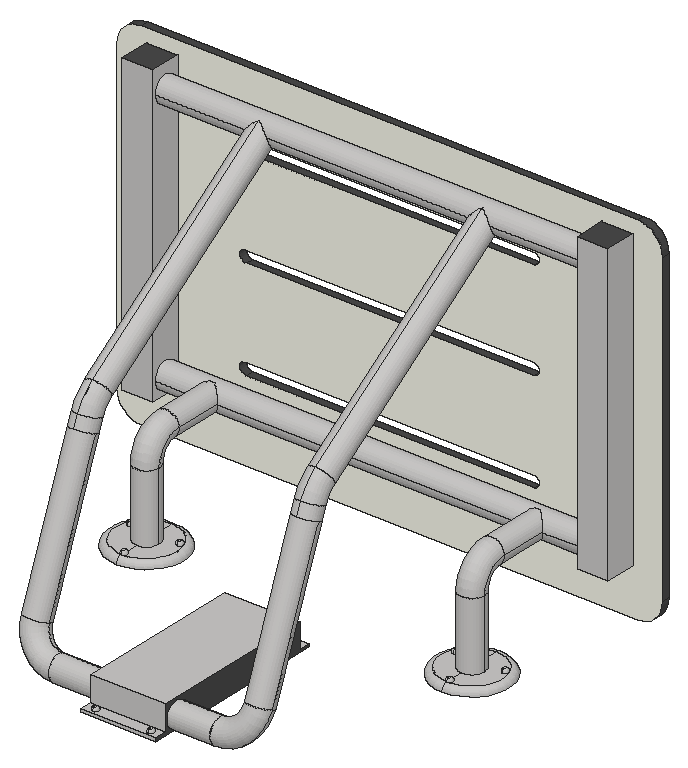
Revit family "Bath_Shower_Seat-Wall_Hung-Bobrick-B-5191", category Specialty Equipment, host Face, Revit 2016
Family settings
  Host = Face
  Part Type = Normal
  Round Connector Dimension = Use Diameter
  OmniClass Number = 23.40.20.00
  OmniClass Title = General Furniture and Specialties
  Cut with Voids When Loaded = No
  Shared = Yes
  Room Calculation Point = No
Parameters (values of type "B-5191")
  Width = 22"
  URL = "http://www.bobrick.com/Pages/default.aspx"
  Type Comments = ""
  Specification = "Folding shower seat shall have a frame constructed of type-304, satin-finish stainless steel that consists of 16-gauge (1.6mm), 1-1/4'' (30mm) square tubing and 18-gauge (1.2mm), 1'' (25mm) diameter seamless tubing. Seat shall be one‑piece, 5/16\" (8mm) thick, solidly fused plastic laminate with matte-finish melamine surfaces, ivory-colored face sheets, and black phenolicresin core; secured to frame with stainless steel carriage bolts and acorn nuts. Shower seat shall be equipped with two 3'' (75mm) diameter mounting flanges constructed of type-304, 3/16'' (5mm) thick, satin-finish stainless steel; a guide bracket constructed of type-304, 16-gauge (1.6mm), satin-finish stainless steel; and a spring constructed of type-301, 24-gauge (0.6mm) stainless steel that is spot-welded to a baseplate of type-304, heavy-gauge stainless steel. Seat shall be able to lock in upright position when not in use. Shower seat shall comply with accessible design guidelines (including ADAAG in the U.S.A.). Folding Shower Seat shall be Model B-5192 of Bobrick Washroom Equipment, Inc., Clifton Park, New York; Jackson, Tennessee; Los Angeles, California; Bobrick Washroom Equipment Company, Scarborough, Ontario; Bobrick Washroom Equipment Pty. Ltd., Australia; and Bobrick Washroom Equipment Limited, United Kingdom."
  Safety Warning = "SAFETY WARNING: Shower seats are no stronger than the anchors and walls to which they are attached and must be firmly secured in order to support the loads for which they are intended. Consult and comply with local building codes. To avoid potential injury, the building owner or maintenance personnel should remove the shower seat from service if the shower seat is not adequately secured to the wall. Unit shall support static loads of up to 500 lbs (227 kg) when properly installed and used. To avoid potential seat malfunction, DO NOT use seat if weight exceeds 500 lbs (227 kg)."
  Product Page URL = "https://www.bobrick.com/specialty-accessories-catalog/shower-tub-accessories/product/b-5191/"
  Product Documentation Link = "https://www.bobrick.com/wp-content/uploads/Section_102800_Washroom_Accessories_SF.doc"
  Price = "Prices may vary. Please consult Manufacturer Representative for most up-to-date price list."  # constant formula
  Phone Number = "416-250-5656"  # constant formula
  Omniclass Table 23 Title = "General Furniture and Specialties"  # constant formula
  Omniclass Table 23 Code = "23.40.20.00"  # constant formula
  Model = "B-5191"
  Material = Phenolic-Bobrick-Matte-Ivory
  Masterformat Title = "Healthcare Seating"  # constant formula
  Masterformat Number = "12 52 70"  # constant formula
  Manufacturer = "Bobrick"
  Length = 15 13/16"
  Installation Type = "Wall Mounted"
  Height = 13 3/4"
  Description = "Bobrick Solid Phenolic Folding Shower/Dressing Area Seat"
  Default Elevation = 17"
  Creation Date = "5/8/20"  # constant formula
  Created By = "Allied Technical Services"  # constant formula
  Assembly Code = "E1020810"
  ATS URL = "http://www.atsspec.net"
  ADA Compliant = yes
Reference planes (in)
  plane 1 "Center (Front/Back)": y = 0
  plane 2: z = 0
  plane 3 "Center (Left/Right)": x = 0
  plane 4: z = 15.8125
  plane 5: x = 11
  plane 6: x = -11
  plane 7: x = -6.5625
  plane 8: x = 6.5625
  plane 9: x = 6.5625
  plane 10: x = -6.5625
  plane 11: y = -4.375
  plane 12: y = -13.75
  plane 13: y = -6.5
  plane 14: x = 1.125
  plane 15: x = -1.125
  plane 16: z = 1.375
  plane 17: y = -17
  plane 18: x = 9.1875
  plane 19: y = -0.94013
  plane 20: z = 5.375
Forms (in)
  Extrusion 1, solid, material "Phenolic-Bobrick-Matte-Ivory" <- "Material"
    sketch origin (0, 0, 0) x (1, 0, 0) y (0, 0, 1)
      loop
        line (10, 15.8125) -> (-10, 15.8125)
        arc (-10, 15.8125) -> (-10.70711, 15.51961) -> (-11, 14.8125) r 1
        line (-11, 14.8125) -> (-11, 2.375)
        arc (-11, 2.375) -> (-10.70711, 1.66789) -> (-10, 1.375) r 1
        line (-10, 1.375) -> (10, 1.375)
        arc (10, 1.375) -> (10.70711, 1.66789) -> (11, 2.375) r 1
        line (11, 2.375) -> (11, 14.8125)
        arc (11, 14.8125) -> (10.70711, 15.51961) -> (10, 15.8125) r 1
      loop
        line (5.79542, 13.20791) -> (-5.79542, 13.20791)
        arc (-5.79542, 13.20791) -> (-6.04542, 12.95791) -> (-5.79542, 12.70791) r 0.25
        line (-5.79542, 12.70791) -> (5.79542, 12.70791)
        arc (5.79542, 12.70791) -> (6.04542, 12.95791) -> (5.79542, 13.20791) r 0.25
      loop
        line (5.79542, 9.20791) -> (-5.79542, 9.20791)
        arc (-5.79542, 9.20791) -> (-6.04542, 8.95791) -> (-5.79542, 8.70791) r 0.25
        line (-5.79542, 8.70791) -> (5.79542, 8.70791)
        arc (5.79542, 8.70791) -> (6.04542, 8.95791) -> (5.79542, 9.20791) r 0.25
      loop
        line (5.79542, 5.14541) -> (-5.79542, 5.14541)
        arc (-5.79542, 5.14541) -> (-6.04542, 4.89541) -> (-5.79542, 4.64541) r 0.25
        line (-5.79542, 4.64541) -> (5.79542, 4.64541)
        arc (5.79542, 4.64541) -> (6.04542, 4.89541) -> (5.79542, 5.14541) r 0.25
    from 0 to 0.3125
  Extrusion 2, solid, material "Stainless Steel-Bobrick-Type 304-Satin"
    sketch origin (0, 0.1875, 0.75) x (1, 0, 0) y (0, 1, 0)
      loop
        line (-8.5625, -0.5) -> (-9.8125, -0.5) -> (-9.8125, -1.75) -> (-8.5625, -1.75) -> (-8.5625, -0.5)
      loop
        line (8.5625, -0.5) -> (8.5625, -1.75) -> (9.8125, -1.75) -> (9.8125, -0.5) -> (8.5625, -0.5)
    from 2.51548 to 14.51548
  Revolve 3, solid, material "Stainless Steel-Bobrick-Type 304-Satin"
    sketch origin (-6.5625, 0, 0) x (0, 1, 0) y (0, 0, 1)
      loop
        line (-4.375, 0) -> (-2.875, 0)
        arc (-2.875, 0) -> (-2.94822, 0.17678) -> (-3.125, 0.25) r 0.25
        line (-3.125, 0.25) -> (-4.375, 0.25) -> (-4.375, 0)
      axis (-4.375, 0.25) -> (-4.375, 0)
    angle from 0 to 360
  Revolve 4, solid, material "Stainless Steel-Bobrick-Type 304-Satin"
    sketch origin (6.5625, 0, 0) x (0, 1, 0) y (0, 0, -1)
      loop
        line (-4.375, 0) -> (-4.375, -0.25) -> (-3.125, -0.25)
        arc (-3.125, -0.25) -> (-2.94822, -0.17678) -> (-2.875, 0) r 0.25
        line (-2.875, 0) -> (-4.375, 0)
      axis (-4.375, -0.25) -> (-4.375, 0)
    angle from 0 to 360
  Sweep 5, solid, material "Stainless Steel-Bobrick-Type 304-Satin"
    path origin (6.5625, 0, 0) x (0, 1, 0) y (0, 0, 1)
      loop
        line (-4.375, 0) -> (-4.375, 3)
        arc (-4.375, 3) -> (-4.08211, 3.70711) -> (-3.375, 4) r 1
        line (-3.375, 4) -> (-0.94013, 4)
    profile origin (6.5625, -4.375, 1.5) x (0, -1, 0) y (1, 0, 0)
      loop
        circle (0, 0) r 0.5
  Extrusion 6, solid, material "Stainless Steel-Bobrick-Type 304-Satin"
    sketch origin (0, 0.3125, 0) x (0, 1, 0) y (0, 0, 1)
      loop
        circle (-1.25263, 3.99038) r 0.5172
    from -8.9545 to 9.47959
  Sweep 7, solid, material "Stainless Steel-Bobrick-Type 304-Satin"
    path origin (-6.5625, 0, 0) x (0, 1, 0) y (0, 0, -1)
      loop
        line (-4.375, 0) -> (-4.375, -3)
        arc (-4.375, -3) -> (-4.08211, -3.70711) -> (-3.375, -4) r 1
        line (-3.375, -4) -> (-0.94013, -4)
    profile origin (-6.5625, -4.375, 1.5) x (0, 1, 0) y (-1, 0, 0)
      loop
        circle (0, 0) r 0.5
  Sweep 8, solid, material "Stainless Steel-Bobrick-Type 304-Satin"
    path origin (0, 0.25, 0.1875) x (0, 1, 0) y (0, 0, 1)
      loop
        line (-1.19013, 14.16704) -> (-9.64596, 8.46351)
        arc (-9.64596, 8.46351) -> (-9.97289, 8.16393) -> (-10.19794, 7.78186) r 1.5
        line (-10.19794, 7.78186) -> (-10.39032, 7.3057)
    profile origin (0, -10.04413, 7.73128) x (0, 0.927184, -0.374607) y (1, 0, 0)
      loop
        circle (0, -4.5) r 0.5
  Extrusion 9, solid, material "Stainless Steel-Bobrick-Type 304-Satin"
    sketch origin (0, 0.3125, 18.32783) x (0, 1, 0) y (0, 0, 1)
      loop
        circle (-1.25263, -3.99038) r 0.5172
    from -8.9545 to 9.47959
  Sweep 10, solid, material "Stainless Steel-Bobrick-Type 304-Satin"
    path origin (0, -6.39004, 16.77548) x (1, 0, 0) y (0, 0.374607, 0.927184)
      loop
        line (-4.5, -10.01126) -> (-4.5, -16.26126)
        arc (-4.5, -16.26126) -> (-4.13388, -17.14514) -> (-3.25, -17.51126) r 1.25
        line (-3.25, -17.51126) -> (3.25, -17.51126)
        arc (3.25, -17.51126) -> (4.13388, -17.14514) -> (4.5, -16.26126) r 1.25
        line (4.5, -16.26126) -> (4.5, -10.01126)
    profile origin (-4.5, -11.31097, 4.59575) x (1, 0, 0) y (0, -0.927184, 0.374607)
      loop
        circle (0, 0) r 0.5
  Extrusion 11, solid, material "Stainless Steel-Bobrick-Type 304-Satin"
    sketch origin (-1.5, 0.19528, 0) x (0, 1, 0) y (0, 0, 1)
      loop
        line (-6.44528, 0) -> (-6.44528, 0.125) -> (-6.94528, 0.125) -> (-6.94528, 1.125) -> (-13.69528, 1.125) -> (-13.69528, 0.125) -> (-14.19528, 0.125) -> (-14.19528, 0) -> (-6.44528, 0)
    from 0 to 3
  Sweep 12, solid, material "Stainless Steel-Bobrick-Type 304-Satin"
    path origin (0, 0.25, 0.1875) x (0, 1, 0) y (0, 0, -1)
      loop
        line (-1.19013, -14.16704) -> (-9.64596, -8.46351)
        arc (-9.64596, -8.46351) -> (-9.97289, -8.16393) -> (-10.19794, -7.78186) r 1.5
        line (-10.19794, -7.78186) -> (-10.39032, -7.3057)
    profile origin (0, -10.04413, 7.73128) x (0, -0.927184, 0.374607) y (-1, 0, 0)
      loop
        circle (0, -4.5) r 0.5
  Revolve 13, solid, material "Stainless Steel-Bobrick-Type 304-Satin"
    sketch origin (-1.125, 0, 0) x (0, 1, 0) y (0, 0, 1)
      loop
        line (-6.5, 0.125) -> (-6.375, 0.125)
        arc (-6.375, 0.125) -> (-6.38969, 0.18379) -> (-6.4303, 0.22876) r 0.125
        line (-6.4303, 0.22876) -> (-6.46682, 0.17439) -> (-6.5, 0.17439) -> (-6.5, 0.125)
      axis (-6.5, 0.22876) -> (-6.5, 0.125)
    angle from 0 to 360
  Revolve 14, solid, material "Stainless Steel-Bobrick-Type 304-Satin"
    sketch origin (1.125, 0, 0) x (0, 1, 0) y (0, 0, -1)
      loop
        line (-6.5, -0.125) -> (-6.5, -0.17439) -> (-6.46682, -0.17439) -> (-6.4303, -0.22876)
        arc (-6.4303, -0.22876) -> (-6.38969, -0.18379) -> (-6.375, -0.125) r 0.125
        line (-6.375, -0.125) -> (-6.5, -0.125)
      axis (-6.5, -0.22876) -> (-6.5, -0.125)
    angle from 0 to 360
  Revolve 15, solid, material "Stainless Steel-Bobrick-Type 304-Satin"
    sketch origin (-1.125, -20.25, 0) x (0, -1, 0) y (0, 0, -1)
      loop
        line (-6.5, -0.125) -> (-6.5, -0.17439) -> (-6.46682, -0.17439) -> (-6.4303, -0.22876)
        arc (-6.4303, -0.22876) -> (-6.38969, -0.18379) -> (-6.375, -0.125) r 0.125
        line (-6.375, -0.125) -> (-6.5, -0.125)
      axis (-6.5, -0.22876) -> (-6.5, -0.125)
    angle from 0 to 360
  Revolve 16, solid, material "Stainless Steel-Bobrick-Type 304-Satin"
    sketch origin (1.125, -20.25, 0) x (0, -1, 0) y (0, 0, 1)
      loop
        line (-6.5, 0.125) -> (-6.375, 0.125)
        arc (-6.375, 0.125) -> (-6.38969, 0.18379) -> (-6.4303, 0.22876) r 0.125
        line (-6.4303, 0.22876) -> (-6.46682, 0.17439) -> (-6.5, 0.17439) -> (-6.5, 0.125)
      axis (-6.5, 0.22876) -> (-6.5, 0.125)
    angle from 0 to 360
  Revolve 17, solid, material "Stainless Steel-Bobrick-Type 304-Satin"
    sketch origin (-6.5625, 1, 0.125) x (0, 1, 0) y (0, 0, 1)
      loop
        line (-6.5, 0.125) -> (-6.375, 0.125)
        arc (-6.375, 0.125) -> (-6.38969, 0.18379) -> (-6.4303, 0.22876) r 0.125
        line (-6.4303, 0.22876) -> (-6.46682, 0.17439) -> (-6.5, 0.17439) -> (-6.5, 0.125)
      axis (-6.5, 0.22876) -> (-6.5, 0.125)
    angle from 0 to 360
  Revolve 18, solid, material "Stainless Steel-Bobrick-Type 304-Satin"
    sketch origin (-7.56057, 2.55928, 0.125) x (0, 1, 0) y (0, 0, 1)
      loop
        line (-6.5, 0.125) -> (-6.375, 0.125)
        arc (-6.375, 0.125) -> (-6.38969, 0.18379) -> (-6.4303, 0.22876) r 0.125
        line (-6.4303, 0.22876) -> (-6.46682, 0.17439) -> (-6.5, 0.17439) -> (-6.5, 0.125)
      axis (-6.5, 0.22876) -> (-6.5, 0.125)
    angle from 0 to 360
  Revolve 19, solid, material "Stainless Steel-Bobrick-Type 304-Satin"
    sketch origin (-5.56443, 2.55928, 0.125) x (0, 1, 0) y (0, 0, -1)
      loop
        line (-6.5, -0.125) -> (-6.5, -0.17439) -> (-6.46682, -0.17439) -> (-6.4303, -0.22876)
        arc (-6.4303, -0.22876) -> (-6.38969, -0.18379) -> (-6.375, -0.125) r 0.125
        line (-6.375, -0.125) -> (-6.5, -0.125)
      axis (-6.5, -0.22876) -> (-6.5, -0.125)
    angle from 0 to 360
  Revolve 20, solid, material "Stainless Steel-Bobrick-Type 304-Satin"
    sketch origin (6.5625, 1, 0.125) x (0, 1, 0) y (0, 0, -1)
      loop
        line (-6.5, -0.125) -> (-6.5, -0.17439) -> (-6.46682, -0.17439) -> (-6.4303, -0.22876)
        arc (-6.4303, -0.22876) -> (-6.38969, -0.18379) -> (-6.375, -0.125) r 0.125
        line (-6.375, -0.125) -> (-6.5, -0.125)
      axis (-6.5, -0.22876) -> (-6.5, -0.125)
    angle from 0 to 360
  Revolve 21, solid, material "Stainless Steel-Bobrick-Type 304-Satin"
    sketch origin (7.56057, 2.55928, 0.125) x (0, 1, 0) y (0, 0, -1)
      loop
        line (-6.5, -0.125) -> (-6.5, -0.17439) -> (-6.46682, -0.17439) -> (-6.4303, -0.22876)
        arc (-6.4303, -0.22876) -> (-6.38969, -0.18379) -> (-6.375, -0.125) r 0.125
        line (-6.375, -0.125) -> (-6.5, -0.125)
      axis (-6.5, -0.22876) -> (-6.5, -0.125)
    angle from 0 to 360
  Revolve 22, solid, material "Stainless Steel-Bobrick-Type 304-Satin"
    sketch origin (5.56443, 2.55928, 0.125) x (0, 1, 0) y (0, 0, 1)
      loop
        line (-6.5, 0.125) -> (-6.375, 0.125)
        arc (-6.375, 0.125) -> (-6.38969, 0.18379) -> (-6.4303, 0.22876) r 0.125
        line (-6.4303, 0.22876) -> (-6.46682, 0.17439) -> (-6.5, 0.17439) -> (-6.5, 0.125)
      axis (-6.5, 0.22876) -> (-6.5, 0.125)
    angle from 0 to 360
  Revolve 23, solid, material "Phenolic-Bobrick-Matte-Ivory" <- "Material"
    sketch origin (0, 0, 5.375) x (1, 0, 0) y (0, 1, 0)
      loop
        line (9.1875, 0) -> (9.1875, 0.03481) -> (9.11975, 0.03481) -> (9.04701, 0.09164)
        arc (9.04701, 0.09164) -> (8.98695, 0.05216) -> (8.9375, 0) r 0.3125
        line (8.9375, 0) -> (9.1875, 0)
      axis (9.1875, 0.09164) -> (9.1875, 0)
    angle from 0 to 360
  Revolve 24, solid, material "Phenolic-Bobrick-Matte-Ivory" <- "Material"
    sketch origin (0, 0, 13.15595) x (0, -1, 0) y (1, 0, 0)
      loop
        line (0, 9.1875) -> (-0.03481, 9.1875) -> (-0.03481, 9.11975) -> (-0.09164, 9.04701)
        arc (-0.09164, 9.04701) -> (-0.05216, 8.98695) -> (0, 8.9375) r 0.3125
        line (0, 8.9375) -> (0, 9.1875)
      axis (-0.09164, 9.1875) -> (0, 9.1875)
    angle from 0 to 360
  Revolve 25, solid, material "Phenolic-Bobrick-Matte-Ivory" <- "Material"
    sketch origin (0, 0, 5.375) x (-1, 0, 0) y (0, -1, 0)
      loop
        line (9.1875, 0) -> (8.9375, 0)
        arc (8.9375, 0) -> (8.98695, -0.05216) -> (9.04701, -0.09164) r 0.3125
        line (9.04701, -0.09164) -> (9.11975, -0.03481) -> (9.1875, -0.03481) -> (9.1875, 0)
      axis (9.1875, -0.09164) -> (9.1875, 0)
    angle from 0 to 360
  Revolve 26, solid, material "Phenolic-Bobrick-Matte-Ivory" <- "Material"
    sketch origin (0, 0, 13.15595) x (0, 1, 0) y (-1, 0, 0)
      loop
        line (0, 9.1875) -> (0, 8.9375)
        arc (0, 8.9375) -> (0.05216, 8.98695) -> (0.09164, 9.04701) r 0.3125
        line (0.09164, 9.04701) -> (0.03481, 9.11975) -> (0.03481, 9.1875) -> (0, 9.1875)
      axis (0.09164, 9.1875) -> (0, 9.1875)
    angle from 0 to 360
Cuts and joins
  joined: Extrusion 2, Revolve 3, Revolve 4, Sweep 5, Extrusion 6, Sweep 7, Sweep 8, Extrusion 9, Sweep 10, Extrusion 11, Sweep 12, Revolve 13, Revolve 14, Revolve 15, Revolve 16, Revolve 17, Revolve 18, Revolve 19, Revolve 20, Revolve 21, Revolve 22
  joined: Extrusion 1, Revolve 23, Revolve 24, Revolve 25, Revolve 26
Lines and regions (in)
  Masking region 1
    outline origin (0, 0, 0) x (1, 0, 0) y (0, 1, 0)
      loop
        line (-11, 0) -> (-11, -0.3125) -> (-9.8125, -0.3125) -> (-9.8125, -1.5625) -> (-8.5625, -1.5625) -> (-8.5625, -1.45733) -> (-7.0625, -1.45733) -> (-7.0625, -2.96079)
        arc (-7.0625, -2.96079) -> (-6.5625, -5.875) -> (-6.0625, -2.96079) r 1.5
        line (-6.0625, -2.96079) -> (-6.0625, -1.45733) -> (-4.99993, -1.45733) -> (-4.99993, -12.44987)
        arc (-4.99993, -12.44987) -> (-4.70704, -13.15698) -> (-3.99993, -13.44987) r 1
        line (-3.99993, -13.44987) -> (-1.5, -13.44987) -> (-1.5, -14) -> (1.5, -14) -> (1.5, -13.44987) -> (3.99993, -13.44987)
        arc (3.99993, -13.44987) -> (4.70704, -13.15698) -> (4.99993, -12.44987) r 1
        line (4.99993, -12.44987) -> (4.99993, -1.45724) -> (6.0625, -1.45724) -> (6.0625, -2.96079)
        arc (6.0625, -2.96079) -> (6.5625, -5.875) -> (7.0625, -2.96079) r 1.5
        line (7.0625, -2.96079) -> (7.0625, -1.45733) -> (8.5625, -1.45733) -> (8.5625, -1.5625) -> (9.8125, -1.5625) -> (9.8125, -0.3125) -> (11, -0.3125) -> (11, 0) -> (9.41963, 0)
        arc (9.41963, 0) -> (9.39279, 0.0648) -> (9.32799, 0.09164) r 0.09164
        line (9.32799, 0.09164) -> (9.04701, 0.09164)
        arc (9.04701, 0.09164) -> (8.98221, 0.0648) -> (8.95537, 0) r 0.09164
        line (8.95537, 0) -> (-8.95537, 0)
        arc (-8.95537, 0) -> (-8.98221, 0.0648) -> (-9.04701, 0.09164) r 0.09164
        line (-9.04701, 0.09164) -> (-9.32799, 0.09164)
        arc (-9.32799, 0.09164) -> (-9.39279, 0.0648) -> (-9.41963, 0) r 0.09164
        line (-9.41963, 0) -> (-11, 0)
      loop
        line (-3.99993, -1.45733) -> (-3.99993, -11.94987)
        arc (-3.99993, -11.94987) -> (-3.85349, -12.30343) -> (-3.49993, -12.44987) r 0.5
        line (-3.49993, -12.44987) -> (-1.5, -12.44987) -> (-1.5, -6.25) -> (1.5, -6.25) -> (1.5, -12.44987) -> (3.49993, -12.44987)
        arc (3.49993, -12.44987) -> (3.85349, -12.30343) -> (3.99993, -11.94987) r 0.5
        line (3.99993, -11.94987) -> (3.99993, -1.45733) -> (-3.99993, -1.45733)
  Masking region 2
    outline origin (0, 0, 0) x (1, 0, 0) y (0, 0, 1)
      loop
        line (10, 15.8125) -> (-10, 15.8125)
        arc (-10, 15.8125) -> (-10.70711, 15.51961) -> (-11, 14.8125) r 1
        line (-11, 14.8125) -> (-11, 2.375)
        arc (-11, 2.375) -> (-10.70711, 1.66789) -> (-10, 1.375) r 1
        line (-10, 1.375) -> (-7.0625, 1.375) -> (-7.0625, 0.25) -> (-7.43557, 0.25)
        arc (-7.43557, 0.25) -> (-7.45116, 0.30831) -> (-7.49087, 0.35376) r 0.13326
        line (-7.49087, 0.35376) -> (-7.63028, 0.35376)
        arc (-7.63028, 0.35376) -> (-7.66966, 0.30813) -> (-7.68557, 0.25) r 0.13662
        line (-7.68557, 0.25) -> (-7.81239, 0.25)
        arc (-7.81239, 0.25) -> (-7.98917, 0.17678) -> (-8.06239, 0) r 0.25
        line (-8.06239, 0) -> (-5.06261, 0)
        arc (-5.06261, 0) -> (-5.13583, 0.17678) -> (-5.31261, 0.25) r 0.25
        line (-5.31261, 0.25) -> (-5.43943, 0.25)
        arc (-5.43943, 0.25) -> (-5.45534, 0.30813) -> (-5.49472, 0.35376) r 0.13662
        line (-5.49472, 0.35376) -> (-5.63413, 0.35376)
        arc (-5.63413, 0.35376) -> (-5.67384, 0.30831) -> (-5.68943, 0.25) r 0.13326
        line (-5.68943, 0.25) -> (-6.0625, 0.25) -> (-6.0625, 1.375) -> (-4.96357, 1.375)
        arc (-4.96357, 1.375) -> (-4.35238, 0.41367) -> (-3.27647, 0.03933) r 1.73334
        line (-3.27647, 0.03933) -> (-1.5, 0.03933) -> (-1.5, 0) -> (1.5, 0) -> (1.5, 0.03933) -> (3.27647, 0.03933)
        arc (3.27647, 0.03933) -> (4.35238, 0.41367) -> (4.96357, 1.375) r 1.73334
        line (4.96357, 1.375) -> (6.0625, 1.375) -> (6.0625, 0.25) -> (5.68943, 0.25)
        arc (5.68943, 0.25) -> (5.67384, 0.30831) -> (5.63413, 0.35376) r 0.13326
        line (5.63413, 0.35376) -> (5.49472, 0.35376)
        arc (5.49472, 0.35376) -> (5.45534, 0.30813) -> (5.43943, 0.25) r 0.13662
        line (5.43943, 0.25) -> (5.31261, 0.25)
        arc (5.31261, 0.25) -> (5.13583, 0.17678) -> (5.06261, 0) r 0.25
        line (5.06261, 0) -> (8.06239, 0)
        arc (8.06239, 0) -> (7.98917, 0.17678) -> (7.81239, 0.25) r 0.25
        line (7.81239, 0.25) -> (7.68557, 0.25)
        arc (7.68557, 0.25) -> (7.66966, 0.30813) -> (7.63028, 0.35376) r 0.13662
        line (7.63028, 0.35376) -> (7.49087, 0.35376)
        arc (7.49087, 0.35376) -> (7.45116, 0.30831) -> (7.43557, 0.25) r 0.13326
        line (7.43557, 0.25) -> (7.0625, 0.25) -> (7.0625, 1.375) -> (10, 1.375)
        arc (10, 1.375) -> (10.70711, 1.66789) -> (11, 2.375) r 1
        line (11, 2.375) -> (11, 14.8125)
        arc (11, 14.8125) -> (10.70711, 15.51961) -> (10, 15.8125) r 1
  Masking region 3
    outline origin (0, 0, 0) x (0, 1, 0) y (0, 0, 1)
      loop
        line (-0.3125, 3.26548) -> (-0.3125, 1.375) -> (0, 1.375) -> (0, 5.125)
        arc (0, 5.125) -> (0.05118, 5.17527) -> (0.09164, 5.23451) r 0.36806
        line (0.09164, 5.23451) -> (0.09164, 5.51549)
        arc (0.09164, 5.51549) -> (0.05118, 5.57473) -> (0, 5.625) r 0.36806
        line (0, 5.625) -> (0, 12.90595)
        arc (0, 12.90595) -> (0.05118, 12.95622) -> (0.09164, 13.01546) r 0.36806
        line (0.09164, 13.01546) -> (0.09164, 13.29645)
        arc (0.09164, 13.29645) -> (0.05118, 13.35568) -> (0, 13.40595) r 0.36806
        line (0, 13.40595) -> (0, 15.8125) -> (-0.3125, 15.8125) -> (-0.3125, 15.26548) -> (-1.5625, 15.26548) -> (-1.5625, 14.53809) -> (-9.67847, 9.0638)
        arc (-9.67847, 9.0638) -> (-10.11176, 8.66676) -> (-10.41003, 8.16039) r 1.988
        line (-10.41003, 8.16039) -> (-13.25251, 1.125) -> (-13.5, 1.125) -> (-13.5, 0.125) -> (-13.625, 0.125)
        arc (-13.625, 0.125) -> (-13.63965, 0.18381) -> (-13.6803, 0.22876) r 0.12466
        line (-13.6803, 0.22876) -> (-13.8197, 0.22876)
        arc (-13.8197, 0.22876) -> (-13.86058, 0.18393) -> (-13.875, 0.125) r 0.12279
        line (-13.875, 0.125) -> (-14, 0.125) -> (-14, 0) -> (-6.25, 0) -> (-6.25, 0.125) -> (-6.375, 0.125)
        arc (-6.375, 0.125) -> (-6.38942, 0.18393) -> (-6.4303, 0.22876) r 0.12279
        line (-6.4303, 0.22876) -> (-6.5697, 0.22876)
        arc (-6.5697, 0.22876) -> (-6.61035, 0.18381) -> (-6.625, 0.125) r 0.12466
        line (-6.625, 0.125) -> (-6.75, 0.125) -> (-6.75, 1.125) -> (-12.17398, 1.125) -> (-9.48483, 7.78088)
        arc (-9.48483, 7.78088) -> (-9.33371, 8.03743) -> (-9.11419, 8.23858) r 1.00719
        line (-9.11419, 8.23858) -> (-1.5625, 13.33226) -> (-1.5625, 4.5) -> (-3.375, 4.5)
        arc (-3.375, 4.5) -> (-4.43566, 4.06066) -> (-4.875, 3) r 1.5
        line (-4.875, 3) -> (-4.875, 0.25) -> (-5.375, 0.25)
        arc (-5.375, 0.25) -> (-5.3894, 0.30894) -> (-5.4303, 0.35376) r 0.12259
        line (-5.4303, 0.35376) -> (-5.5697, 0.35376)
        arc (-5.5697, 0.35376) -> (-5.6113, 0.30902) -> (-5.62708, 0.25) r 0.12653
        arc (-5.62708, 0.25) -> (-5.80312, 0.17665) -> (-5.875, 0) r 0.24793
        line (-5.875, 0) -> (-2.875, 0)
        arc (-2.875, 0) -> (-2.94688, 0.17665) -> (-3.12292, 0.25) r 0.24793
        line (-3.12292, 0.25) -> (-3.81572, 0.25)
        arc (-3.81572, 0.25) -> (-3.83037, 0.31044) -> (-3.875, 0.35376) r 0.11205
        line (-3.875, 0.35376) -> (-3.875, 3)
        arc (-3.875, 3) -> (-3.72855, 3.35355) -> (-3.375, 3.5) r 0.5
        line (-3.375, 3.5) -> (-1.5625, 3.5) -> (-1.5625, 3.26548) -> (-0.3125, 3.26548)
  symbolic lines, detail levels medium+fine
    curve 1: line (-9.8125, -0.3125, 0) -> (9.8125, -0.3125, 0)
    curve 2: line (8.5625, -0.3125, 0) -> (8.5625, -1.45733, 0)
    curve 3: line (-8.5625, -0.3125, 0) -> (-8.5625, -1.45733, 0)
    curve 4: line (-7.0625, -1.45724, 0) -> (-6.0625, -1.45724, 0)
    curve 5: arc (-6.0625, -4.375, 0) -> (-6.5625, -4.875, 0) -> (-7.0625, -4.375, 0) r 0.5
    curve 16: line (-1.5, -13.5, 0) -> (1.5, -13.5, 0)
    curve 17: line (1.5, -6.75, 0) -> (-1.5, -6.75, 0)
    curve 18: line (-8.5625, -0.41932, 0) -> (8.5625, -0.41932, 0)
    curve 19: line (-9.4375, 0, 0) -> (-8.9375, 0, 0)
    curve 20: line (8.9375, 0, 0) -> (9.4375, 0, 0)
    curve 21: line (-1.5, -12.44987, 0) -> (-1.5, -13.44987, 0)
    curve 22: line (1.5, -12.44987, 0) -> (1.5, -13.44987, 0)
    curve 23: line (-4.91755, -1.45733, 0) -> (-4.5, -1.27398, 0)
    curve 24: line (-4.5, -1.27398, 0) -> (-4.08245, -1.45733, 0)
    curve 25: line (-7.0625, -4.375, 0) -> (-7.0625, -2.96079, 0)
    curve 26: line (-6.0625, -4.375, 0) -> (-6.0625, -2.96079, 0)
    curve 27: arc (6.0625, -4.375, 0) -> (6.5625, -4.875, 0) -> (7.0625, -4.375, 0) r 0.5
    curve 34: line (7.0625, -4.375, 0) -> (7.0625, -2.96079, 0)
    curve 35: line (6.0625, -4.375, 0) -> (6.0625, -2.96079, 0)
    curve 36: line (-4.99993, -1.45733, 0) -> (-4.91755, -1.45733, 0)
    curve 37: line (-4.08245, -1.45733, 0) -> (-3.99993, -1.45733, 0)
    curve 38: line (7.0625, -1.45724, 0) -> (6.0625, -1.45724, 0)
    curve 39: line (4.91755, -1.45733, 0) -> (4.5, -1.27398, 0)
    curve 40: line (4.5, -1.27398, 0) -> (4.08245, -1.45733, 0)
    curve 41: line (4.99993, -1.45733, 0) -> (4.91755, -1.45733, 0)
    curve 42: line (4.08245, -1.45733, 0) -> (3.99993, -1.45733, 0)
    curve 47: line (7.68557, 0, 0.25) -> (7.43557, 0, 0.25)
    curve 48: line (7.0625, 0, 0.25) -> (6.0625, 0, 0.25)
    curve 49: line (-4.96357, 0, 1.375) -> (4.96357, 0, 1.375)
    curve 50: line (1.5, 0, 1.125) -> (1.5, 0, 0.03933)
    curve 51: line (1.5, 0, 0.125) -> (-1.5, 0, 0.125)
    curve 55: line (1.5, 0, 1.125) -> (-1.5, 0, 1.125)
    curve 56: line (1.5, 0, 1.04066) -> (3.28168, 0, 1.04066)
    curve 57: arc (3.28168, 0, 1.04066) -> (3.63414, 0, 1.12956) -> (3.90226, 0, 1.375) r 0.7431
    curve 58: line (-1.5, 0, 1.04066) -> (-3.28168, 0, 1.04066)
    curve 59: arc (-3.28168, 0, 1.04066) -> (-3.63414, 0, 1.12956) -> (-3.90226, 0, 1.375) r 0.7431
    curve 60: line (-1.5, 0, 1.125) -> (-1.5, 0, 0.03933)
    curve 64: arc (5.79542, 0, 5.14541) -> (6.04542, 0, 4.89541) -> (5.79542, 0, 4.64541) r 0.25
    curve 65: line (-5.79542, 0, 5.14541) -> (5.79542, 0, 5.14541)
    curve 66: line (5.79542, 0, 4.64541) -> (-5.79542, 0, 4.64541)
    curve 67: arc (-5.79542, 0, 4.64541) -> (-6.04542, 0, 4.89541) -> (-5.79542, 0, 5.14541) r 0.25
    curve 68: arc (5.79542, 0, 9.20791) -> (6.04542, 0, 8.95791) -> (5.79542, 0, 8.70791) r 0.25
    curve 69: line (-5.79542, 0, 9.20791) -> (5.79542, 0, 9.20791)
    curve 70: line (5.79542, 0, 8.70791) -> (-5.79542, 0, 8.70791)
    curve 71: arc (-5.79542, 0, 8.70791) -> (-6.04542, 0, 8.95791) -> (-5.79542, 0, 9.20791) r 0.25
    curve 72: arc (-5.79542, 0, 12.70791) -> (-6.04542, 0, 12.95791) -> (-5.79542, 0, 13.20791) r 0.25
    curve 73: line (-5.79542, 0, 13.20791) -> (5.79542, 0, 13.20791)
    curve 74: line (5.79542, 0, 12.70791) -> (-5.79542, 0, 12.70791)
    curve 75: arc (5.79542, 0, 13.20791) -> (6.04542, 0, 12.95791) -> (5.79542, 0, 12.70791) r 0.25
    curve 92: line (5.43943, 0, 0.25) -> (5.68943, 0, 0.25)
    curve 93: line (-7.68557, 0, 0.25) -> (-7.43557, 0, 0.25)
    curve 94: line (-7.0625, 0, 0.25) -> (-6.0625, 0, 0.25)
    curve 95: line (-5.43943, 0, 0.25) -> (-5.68943, 0, 0.25)
    curve 100: line (7.0625, 0, 1.375) -> (6.0625, 0, 1.375)
    curve 101: line (-6.0625, 0, 1.375) -> (-7.0625, 0, 1.375)
    curve 102: line (0, -0.3125, 15.26548) -> (0, -0.3125, 3.26548)
    curve 103: line (0, 0, 5.625) -> (0, 0, 5.14541)
    curve 104: line (0, 0, 13.40595) -> (0, 0, 12.90595)
    curve 105: line (0, -1.5625, 3.5) -> (0, -1.5625, 4.5)
    curve 106: line (0, -1.5625, 13.33226) -> (0, -1.5625, 14.53809)
    curve 107: line (0, -4.875, 0.25) -> (0, -3.81572, 0.25)
    curve 108: line (0, -4.01042, 0.35376) -> (0, -3.87101, 0.35376)
    curve 109: arc (0, -4.01042, 0.35376) -> (0, -4.05097, 0.30876) -> (0, -4.06572, 0.25) r 0.1255
    curve 110: line (0, -5.375, 0.25) -> (0, -5.625, 0.25)
    curve 111: line (0, -6.375, 0.125) -> (0, -6.625, 0.125)
    curve 112: line (0, -13.625, 0.125) -> (0, -13.875, 0.125)
    curve 113: arc (0, -12.48628, 0.35202) -> (0, -13.13718, 0.07573) -> (0, -13.41347, 0.72663) r 0.5
    curve 114: line (0, -12.48628, 0.35202) -> (0, -12.17398, 1.125)
    curve 115: line (0, -13.41347, 0.72663) -> (0, -13.25251, 1.125)
  symbolic lines, detail levels fine
    curve 6: circle (-7.56057, -3.94072, 0) r 0.125 normal (0, 0, -1)
    curve 7: circle (-5.56443, -3.94072, 0) r 0.125 normal (0, 0, -1)
    curve 8: circle (-6.5625, -5.5, 0) r 0.0697 normal (0, 0, -1)
    curve 9: circle (-6.5625, -5.5, 0) r 0.125 normal (0, 0, -1)
    curve 10: circle (-7.56057, -3.94072, 0) r 0.0697 normal (0, 0, -1)
    curve 11: circle (-5.56443, -3.94072, 0) r 0.0697 normal (0, 0, -1)
    curve 12: circle (-1.125, -6.5, 0) r 0.125 normal (0, 0, -1)
    curve 13: circle (-1.125, -6.5, 0) r 0.0697 normal (0, 0, -1)
    curve 14: circle (-1.125, -13.75, 0) r 0.125 normal (0, 0, -1)
    curve 15: circle (-1.125, -13.75, 0) r 0.0697 normal (0, 0, -1)
    curve 28: circle (7.56057, -3.94072, 0) r 0.125 normal (0, 0, 1)
    curve 29: circle (5.56443, -3.94072, 0) r 0.125 normal (0, 0, 1)
    curve 30: circle (6.5625, -5.5, 0) r 0.0697 normal (0, 0, 1)
    curve 31: circle (6.5625, -5.5, 0) r 0.125 normal (0, 0, 1)
    curve 32: circle (7.56057, -3.94072, 0) r 0.0697 normal (0, 0, 1)
    curve 33: circle (5.56443, -3.94072, 0) r 0.0697 normal (0, 0, 1)
    curve 43: circle (1.125, -6.5, 0) r 0.125 normal (0, 0, 1)
    curve 44: circle (1.125, -6.5, 0) r 0.0697 normal (0, 0, 1)
    curve 45: circle (1.125, -13.75, 0) r 0.125 normal (0, 0, 1)
    curve 46: circle (1.125, -13.75, 0) r 0.0697 normal (0, 0, 1)
    curve 52: line (1.0553, 0, 0.22876) -> (1.1947, 0, 0.22876)
    curve 53: arc (1.1947, 0, 0.22876) -> (1.23622, 0, 0.18356) -> (1.25461, 0, 0.125) r 0.14106
    curve 54: arc (1.0553, 0, 0.22876) -> (1.01378, 0, 0.18356) -> (0.99539, 0, 0.125) r 0.14106
    curve 61: line (-1.0553, 0, 0.22876) -> (-1.1947, 0, 0.22876)
    curve 62: arc (-1.1947, 0, 0.22876) -> (-1.23622, 0, 0.18356) -> (-1.25461, 0, 0.125) r 0.14106
    curve 63: arc (-1.0553, 0, 0.22876) -> (-1.01378, 0, 0.18356) -> (-0.99539, 0, 0.125) r 0.14106
    curve 76: line (5.00167, 0, 13.20791) -> (5.00167, 0, 12.70791)
    curve 77: line (4.00167, 0, 12.70791) -> (4.00167, 0, 13.20791)
    curve 78: line (5.00167, 0, 9.20791) -> (5.00167, 0, 8.70791)
    curve 79: line (4.00167, 0, 8.70791) -> (4.00167, 0, 9.20791)
    curve 80: line (5.00167, 0, 5.14541) -> (5.00167, 0, 4.64541)
    curve 81: line (4.00167, 0, 4.64541) -> (4.00167, 0, 5.14541)
    curve 82: line (-5.00167, 0, 13.20791) -> (-5.00167, 0, 12.70791)
    curve 83: line (-4.00167, 0, 12.70791) -> (-4.00167, 0, 13.20791)
    curve 84: line (-5.00167, 0, 9.20791) -> (-5.00167, 0, 8.70791)
    curve 85: line (-4.00167, 0, 8.70791) -> (-4.00167, 0, 9.20791)
    curve 86: line (-5.00167, 0, 5.14541) -> (-5.00167, 0, 4.64541)
    curve 87: line (-4.00167, 0, 4.64541) -> (-4.00167, 0, 5.14541)
    curve 88: circle (9.1875, 0, 13.15595) r 0.25 normal (0, -1, 0)
    curve 89: circle (9.1875, 0, 13.15595) r 0.14049 normal (0, 1, 0)
    curve 90: circle (9.1875, 0, 5.375) r 0.25 normal (0, -1, 0)
    curve 91: circle (9.1875, 0, 5.375) r 0.14049 normal (0, 1, 0)
    curve 96: circle (-9.1875, 0, 13.15595) r 0.25 normal (0, 1, 0)
    curve 97: circle (-9.1875, 0, 13.15595) r 0.14049 normal (0, -1, 0)
    curve 98: circle (-9.1875, 0, 5.375) r 0.25 normal (0, 1, 0)
    curve 99: circle (-9.1875, 0, 5.375) r 0.14049 normal (0, -1, 0)
Dimensions and locks (in)
  plane 1 "Center (Front/Back)" to plane 11 = 4 3/8"
  plane 11 to plane 12 = 9 3/8"
  plane 13 to plane 12 = 7 1/4"
  "Default Elevation": plane 17 to plane 1 "Center (Front/Back)"
  "Width": plane 5 to plane 6
  "Length": host face to plane 4
  "Height": plane 1 "Center (Front/Back)" to plane 12
  "Default Elevation": plane 1 "Center (Front/Back)" to plane 17
  aligned and locked: plane 2 to host face
  aligned and locked: level to host face
Automatic sketch dimensions
  host sketch curve to host sketch curve = 96"  (x2)
  Extrusion 1 sketch curve to plane 6 = 0"
  Extrusion 1 sketch curve to plane 4 = 0"
  Extrusion 1 sketch curve to plane 16 = 0"
  Extrusion 1 sketch curve to plane 5 = 0"
  plane 6 to Extrusion 1 sketch curve = 1"  (x2)
  Extrusion 1 sketch curve to plane 7 = 0.76708"  (x3)
  Extrusion 1 sketch curve to plane 8 = 0.76708"  (x3)
  Extrusion 1 sketch curve to plane 20 = 0.22959"
  Extrusion 1 sketch curve to plane 18 = 13/16"  (x2)
  Extrusion 1 sketch curve to Extrusion 1 sketch curve = 1/2"
  plane 20 to Extrusion 1 sketch curve = 3.33291"
  Extrusion 1 sketch curve to Extrusion 1 sketch curve = 1/4"  (x2)
  Extrusion 1 sketch curve to plane 4 = 3.10459"
  plane 1 "Center (Front/Back)" to Extrusion 2 sketch curve = 5/16"  (x2)
  plane 6 to Extrusion 2 sketch curve = 1 3/16"
  Extrusion 2 sketch curve to plane 19 = 0.62237"  (x2)
  Extrusion 2 sketch curve to Extrusion 2 sketch curve = 1 1/4"
  plane 18 to Extrusion 2 sketch curve = 5/8"
  Extrusion 2 sketch curve to plane 18 = 5/8"
  Revolve 3 sketch curve to level = 0"
  Revolve 3 sketch curve to plane 11 = 0"  (x2)
  level to Revolve 3 sketch curve = 1/4"
  Revolve 3 sketch curve to Revolve 3 sketch curve = 1 1/4"
  Revolve 3 sketch curve to plane 16 = 0.26384"
  plane 16 to Revolve 3 sketch curve = 0.17993"
  Revolve 4 sketch curve to level = 0"
  Revolve 4 sketch curve to plane 11 = 0"  (x2)
  level to Revolve 4 sketch curve = 1/4"
  Revolve 4 sketch curve to Revolve 4 sketch curve = 1 1/4"
  Revolve 4 sketch curve to plane 16 = 0.26384"
  plane 16 to Revolve 4 sketch curve = 0.17993"
  Sweep 5 sketch curve to plane 11 = 0"
  Sweep 5 sketch curve to plane 19 = 0"
  Sweep 5 sketch curve to level = 0"
  Sweep 5 sketch curve to plane 11 = 1"
  plane 16 to Sweep 5 sketch curve = 1 5/8"
  Sweep 5 sketch curve to profile plane = 0"  (x2)
  Extrusion 6 sketch curve to plane 19 = 0"
  Extrusion 6 sketch curve to plane 20 = 1.38462"
  Sweep 7 sketch curve to plane 11 = 0"
  Sweep 7 sketch curve to plane 19 = 0"
  Sweep 7 sketch curve to level = 0"
  Sweep 7 sketch curve to plane 11 = 1"
  plane 16 to Sweep 7 sketch curve = 1 5/8"
  profile plane to Sweep 7 sketch curve = 0"
  Sweep 7 sketch curve to profile plane = 0"
  Sweep 8 sketch curve to plane 19 = 0"
  Sweep 8 sketch curve to plane 13 = 2.05717"
  Sweep 8 sketch curve to Sweep 8 sketch curve = 0.83879"
  Sweep 8 sketch curve to Sweep 8 sketch curve = 0.55199"
  Sweep 8 sketch curve to Sweep 8 sketch curve = 0.19238"
  plane 20 to Sweep 8 sketch curve = 2.03245"
  Sweep 8 sketch curve to Sweep 8 sketch curve = 0.08575"
  Sweep 8 sketch curve to Sweep 8 sketch curve = 0.47616"
  Sweep 8 sketch curve to plane 4 = 1.45796"
  Sweep 8 sketch curve to profile plane = 0"
  Sweep 8 sketch curve to plane 3 "Center (Left/Right)" = 4 1/2"
  Extrusion 9 sketch curve to plane 19 = 0"
  plane 4 to Extrusion 9 sketch curve = 1.47506"
  plane 10 to Sweep 10 sketch curve = 2 1/16"
  Sweep 10 sketch curve to Sweep 10 sketch curve = 1 1/4"
  plane 14 to Sweep 10 sketch curve = 2 1/8"
  Sweep 10 sketch curve to plane 9 = 2 1/16"
  Sweep 10 sketch curve to Sweep 10 sketch curve = 6 1/4"  (x2)
  Sweep 10 sketch curve to profile plane = 0"  (x2)
  Extrusion 11 sketch curve to level = 0"
  plane 12 to Extrusion 11 sketch curve = 1/4"
  Extrusion 11 sketch curve to plane 12 = 1/4"
  level to Extrusion 11 sketch curve = 1/8"  (x2)
  Extrusion 11 sketch curve to plane 13 = 1/4"
  plane 13 to Extrusion 11 sketch curve = 1/4"
  Extrusion 11 sketch curve to plane 16 = 1/4"
  Sweep 12 sketch curve to plane 19 = 0"
  Sweep 12 sketch curve to plane 13 = 2.05717"
  Sweep 12 sketch curve to Sweep 12 sketch curve = 0.83879"
  Sweep 12 sketch curve to Sweep 12 sketch curve = 0.55199"
  Sweep 12 sketch curve to Sweep 12 sketch curve = 0.19238"
  Sweep 12 sketch curve to plane 4 = 1.45796"
  plane 20 to Sweep 12 sketch curve = 3.27601"
  Sweep 12 sketch curve to Sweep 12 sketch curve = 0.68165"
  Sweep 12 sketch curve to Sweep 12 sketch curve = 0.47616"
  profile plane to Sweep 12 sketch curve = 0"
  Sweep 12 sketch curve to profile plane = 4 1/2"
  Revolve 13 sketch curve to plane 13 = 0"  (x3)
  Revolve 13 sketch curve to Revolve 13 sketch curve = 0.03318"
  Revolve 13 sketch curve to Revolve 13 sketch curve = 0.03653"
  Revolve 13 sketch curve to Revolve 13 sketch curve = 0.09182"
  level to Revolve 13 sketch curve = 1/8"
  Revolve 13 sketch curve to Revolve 13 sketch curve = 0.04939"
  Revolve 13 sketch curve to Revolve 13 sketch curve = 0.20059"
  Revolve 13 sketch curve to Revolve 13 sketch curve = 0.16047"
  Revolve 14 sketch curve to plane 13 = 0"  (x3)
  Revolve 14 sketch curve to Revolve 14 sketch curve = 0.03318"
  Revolve 14 sketch curve to Revolve 14 sketch curve = 0.03653"
  Revolve 14 sketch curve to Revolve 14 sketch curve = 0.09182"
  level to Revolve 14 sketch curve = 0.58982"
  Revolve 14 sketch curve to Revolve 14 sketch curve = 0.16047"
  Revolve 14 sketch curve to Revolve 14 sketch curve = 0.20059"
  Revolve 14 sketch curve to Revolve 14 sketch curve = 0.04939"
  Revolve 15 sketch curve to plane 12 = 0"  (x3)
  Revolve 15 sketch curve to Revolve 15 sketch curve = 0.03318"
  Revolve 15 sketch curve to Revolve 15 sketch curve = 0.03653"
  Revolve 15 sketch curve to Revolve 15 sketch curve = 0.09182"
  level to Revolve 15 sketch curve = 0.58982"
  Revolve 15 sketch curve to Revolve 15 sketch curve = 0.16047"
  Revolve 15 sketch curve to Revolve 15 sketch curve = 0.20059"
  Revolve 15 sketch curve to Revolve 15 sketch curve = 0.04939"
  Revolve 16 sketch curve to plane 12 = 0"  (x3)
  Revolve 16 sketch curve to Revolve 16 sketch curve = 0.03318"
  Revolve 16 sketch curve to Revolve 16 sketch curve = 0.03653"
  Revolve 16 sketch curve to Revolve 16 sketch curve = 0.09182"
  level to Revolve 16 sketch curve = 1/8"
  Revolve 16 sketch curve to Revolve 16 sketch curve = 0.04939"
  Revolve 16 sketch curve to Revolve 16 sketch curve = 0.20059"
  Revolve 16 sketch curve to Revolve 16 sketch curve = 0.16047"
  level to Revolve 17 sketch curve = 1/4"
  plane 13 to Revolve 17 sketch curve = 1"
  Revolve 17 sketch curve to Revolve 17 sketch curve = 0"  (x2)
  Revolve 17 sketch curve to Revolve 17 sketch curve = 0.03318"
  level to Revolve 17 sketch curve = 0.35376"
  Revolve 17 sketch curve to Revolve 17 sketch curve = 0.03653"
  Revolve 17 sketch curve to Revolve 17 sketch curve = 0.04939"
  Revolve 17 sketch curve to Revolve 17 sketch curve = 0.20059"
  Revolve 17 sketch curve to Revolve 17 sketch curve = 0.16047"
  level to Revolve 18 sketch curve = 1/4"
  Revolve 18 sketch curve to plane 11 = 0.43428"
  Revolve 18 sketch curve to Revolve 18 sketch curve = 0"  (x2)
  Revolve 18 sketch curve to Revolve 18 sketch curve = 0.03318"
  Revolve 18 sketch curve to Revolve 18 sketch curve = 0.03653"
  Revolve 18 sketch curve to Revolve 18 sketch curve = 0.09182"
  Revolve 18 sketch curve to Revolve 18 sketch curve = 0.04939"
  Revolve 18 sketch curve to Revolve 18 sketch curve = 0.20059"
  Revolve 18 sketch curve to Revolve 18 sketch curve = 0.16047"
  level to Revolve 19 sketch curve = 1/4"
  Revolve 19 sketch curve to plane 11 = 0.43428"
  Revolve 19 sketch curve to Revolve 19 sketch curve = 0"  (x2)
  Revolve 19 sketch curve to Revolve 19 sketch curve = 0.03318"
  Revolve 19 sketch curve to Revolve 19 sketch curve = 0.03653"
  Revolve 19 sketch curve to Revolve 19 sketch curve = 0.09182"
  Revolve 19 sketch curve to Revolve 19 sketch curve = 0.20059"
  Revolve 19 sketch curve to Revolve 19 sketch curve = 0.16047"
  Revolve 19 sketch curve to Revolve 19 sketch curve = 0.04939"
  level to Revolve 20 sketch curve = 1/4"
  plane 13 to Revolve 20 sketch curve = 1"
  Revolve 20 sketch curve to Revolve 20 sketch curve = 0"  (x2)
  Revolve 20 sketch curve to Revolve 20 sketch curve = 0.03318"
  level to Revolve 20 sketch curve = 0.35376"
  Revolve 20 sketch curve to Revolve 20 sketch curve = 0.03653"
  Revolve 20 sketch curve to Revolve 20 sketch curve = 0.20059"
  Revolve 20 sketch curve to Revolve 20 sketch curve = 0.16047"
  Revolve 20 sketch curve to Revolve 20 sketch curve = 0.04939"
  level to Revolve 21 sketch curve = 1/4"
  Revolve 21 sketch curve to plane 11 = 0.43428"
  Revolve 21 sketch curve to Revolve 21 sketch curve = 0"  (x2)
  Revolve 21 sketch curve to Revolve 21 sketch curve = 0.03318"
  Revolve 21 sketch curve to Revolve 21 sketch curve = 0.03653"
  Revolve 21 sketch curve to Revolve 21 sketch curve = 0.09182"
  Revolve 21 sketch curve to Revolve 21 sketch curve = 0.20059"
  Revolve 21 sketch curve to Revolve 21 sketch curve = 0.16047"
  Revolve 21 sketch curve to Revolve 21 sketch curve = 0.04939"
  level to Revolve 22 sketch curve = 1/4"
  Revolve 22 sketch curve to plane 11 = 0.43428"
  Revolve 22 sketch curve to Revolve 22 sketch curve = 0"  (x2)
  Revolve 22 sketch curve to Revolve 22 sketch curve = 0.03318"
  Revolve 22 sketch curve to Revolve 22 sketch curve = 0.03653"
  Revolve 22 sketch curve to Revolve 22 sketch curve = 0.09182"
  Revolve 22 sketch curve to Revolve 22 sketch curve = 0.04939"
  Revolve 22 sketch curve to Revolve 22 sketch curve = 0.20059"
  Revolve 22 sketch curve to Revolve 22 sketch curve = 0.16047"
  plane 1 "Center (Front/Back)" to Revolve 23 sketch curve = 0"
  Revolve 23 sketch curve to plane 18 = 0"  (x3)
  Revolve 23 sketch curve to Revolve 23 sketch curve = 0.06775"
  Revolve 23 sketch curve to Revolve 23 sketch curve = 0.07274"
  Revolve 23 sketch curve to Revolve 23 sketch curve = 0.10951"
  Revolve 23 sketch curve to Revolve 23 sketch curve = 3/16"
  Revolve 23 sketch curve to plane 1 "Center (Front/Back)" = 0.03481"
  Revolve 23 sketch curve to Revolve 23 sketch curve = 0.07387"
  Revolve 23 sketch curve to Revolve 23 sketch curve = 0.04349"
  Revolve 24 sketch curve to plane 18 = 0"  (x3)
  plane 1 "Center (Front/Back)" to Revolve 24 sketch curve = 0"
  Revolve 24 sketch curve to plane 1 "Center (Front/Back)" = 0.03481"
  Revolve 24 sketch curve to plane 1 "Center (Front/Back)" = 0.09164"
  Revolve 24 sketch curve to Revolve 24 sketch curve = 0.07387"
  Revolve 24 sketch curve to Revolve 24 sketch curve = 0.04349"
  Revolve 24 sketch curve to Revolve 24 sketch curve = 3/16"
  Revolve 24 sketch curve to Revolve 24 sketch curve = 0.06775"
  Revolve 24 sketch curve to Revolve 24 sketch curve = 0.07274"
  plane 1 "Center (Front/Back)" to Revolve 25 sketch curve = 0"
  plane 6 to Revolve 25 sketch curve = 2 1/16"
  Revolve 25 sketch curve to plane 1 "Center (Front/Back)" = 0.09164"
  Revolve 25 sketch curve to Revolve 25 sketch curve = 0.10951"
  Revolve 25 sketch curve to plane 1 "Center (Front/Back)" = 0.03481"
  Revolve 25 sketch curve to Revolve 25 sketch curve = 0.07274"
  Revolve 25 sketch curve to Revolve 25 sketch curve = 0.06775"
  plane 1 "Center (Front/Back)" to Revolve 25 sketch curve = 3/16"
  Revolve 25 sketch curve to Revolve 25 sketch curve = 0"
  Revolve 25 sketch curve to Revolve 25 sketch curve = 0.07387"
  Revolve 25 sketch curve to Revolve 25 sketch curve = 0.04349"
  plane 1 "Center (Front/Back)" to Revolve 26 sketch curve = 0"
  plane 1 "Center (Front/Back)" to Revolve 26 sketch curve = 3/16"
  Revolve 26 sketch curve to Revolve 26 sketch curve = 0.03481"
  Revolve 26 sketch curve to plane 1 "Center (Front/Back)" = 0.09164"
  Revolve 26 sketch curve to Revolve 26 sketch curve = 0.07387"
  Revolve 26 sketch curve to Revolve 26 sketch curve = 0.04349"
  plane 6 to Revolve 26 sketch curve = 2 1/16"
  Revolve 26 sketch curve to Revolve 26 sketch curve = 0.10951"
  Revolve 26 sketch curve to Revolve 26 sketch curve = 0.07274"
  Revolve 26 sketch curve to Revolve 26 sketch curve = 0.06775"
  Revolve 26 sketch curve to Revolve 26 sketch curve = 0"
  Masking region 1 sketch curve to plane 6 = 0"
  plane 1 "Center (Front/Back)" to Masking region 1 sketch curve = 0"  (x3)
  Masking region 1 sketch curve to plane 10 = 0"
  Masking region 1 sketch curve to plane 9 = 0"
  Masking region 1 sketch curve to plane 5 = 0"
  plane 11 to Masking region 1 sketch curve = 0"  (x2)
  plane 6 to Masking region 1 sketch curve = 1 3/16"
  Masking region 1 sketch curve to Masking region 1 sketch curve = 0.39287"  (x2)
  Masking region 1 sketch curve to plane 1 "Center (Front/Back)" = 0.09164"  (x2)
  Masking region 1 sketch curve to Masking region 1 sketch curve = 0.28099"
  Masking region 1 sketch curve to plane 19 = 0.5172"  (x4)
  Masking region 1 sketch curve to Masking region 1 sketch curve = 1 1/4"
  Masking region 1 sketch curve to plane 10 = 1/2"
  plane 10 to Masking region 1 sketch curve = 1/2"
  plane 10 to Masking region 1 sketch curve = 1.56257"
  Masking region 1 sketch curve to Masking region 1 sketch curve = 1"  (x5)
  Masking region 1 sketch curve to plane 12 = 0.30013"  (x2)
  Masking region 1 sketch curve to Masking region 1 sketch curve = 1/2"  (x2)
  plane 15 to Masking region 1 sketch curve = 3/8"  (x2)
  plane 14 to Masking region 1 sketch curve = 3/8"  (x2)
  Masking region 1 sketch curve to Masking region 1 sketch curve = 1.99993"
  Masking region 1 sketch curve to plane 9 = 2.56257"
  Masking region 1 sketch curve to plane 9 = 1/2"
  plane 9 to Masking region 1 sketch curve = 1/2"
  plane 18 to Masking region 1 sketch curve = 5/8"
  plane 18 to Masking region 1 sketch curve = 0.23213"
  Masking region 1 sketch curve to plane 18 = 0.14049"
  plane 12 to Masking region 1 sketch curve = 1/4"
  plane 13 to Masking region 1 sketch curve = 1/4"
  Masking region 1 sketch curve to plane 11 = 1.41421"  (x2)
  Masking region 1 sketch curve to Masking region 1 sketch curve = 0.10517"
  Masking region 1 sketch curve to plane 19 = 0.62237"
  Masking region 1 sketch curve to plane 19 = 0.51711"
  Masking region 1 sketch curve to Masking region 1 sketch curve = 5/16"
  plane 1 "Center (Front/Back)" to Masking region 1 sketch curve = 5/16"
  curve 6 to curve 10 = 0"  (x2)
  curve 7 to curve 11 = 0"  (x2)
  curve 8 to curve 9 = 0"  (x2)
  curve 12 to curve 13 = 0"  (x2)
  curve 14 to curve 15 = 0"  (x2)
  curve 28 to curve 32 = 0"  (x2)
  curve 29 to curve 33 = 0"  (x2)
  curve 30 to curve 31 = 0"  (x2)
  curve 43 to curve 44 = 0"  (x2)
  curve 45 to curve 46 = 0"  (x2)
  plane 1 "Center (Front/Back)" to curve 19 = 0"
  plane 11 to curve 5 = 0"
  curve 8 to plane 10 = 0"
  curve 5 to plane 10 = 0"
  plane 12 to curve 15 = 0"
  curve 15 to plane 15 = 0"
  curve 12 to plane 13 = 0"
  curve 12 to plane 15 = 0"
  plane 12 to curve 45 = 0"
  curve 45 to plane 14 = 0"
  curve 44 to plane 13 = 0"
  curve 44 to plane 14 = 0"
  plane 11 to curve 35 = 0"
  curve 31 to plane 9 = 0"
  curve 27 to plane 9 = 0"
  plane 1 "Center (Front/Back)" to curve 20 = 0"
  curve 4 to plane 10 = 1/2"
  curve 25 to curve 5 = 1/2"
  curve 6 to curve 5 = 0.49807"
  curve 3 to plane 19 = 0.5172"
  curve 3 to curve 4 = 1 1/2"
  curve 19 to curve 3 = 3/8"
  curve 19 to curve 19 = 1/2"
  curve 1 to curve 19 = 3/8"
  plane 10 to curve 4 = 1/2"
  curve 5 to curve 7 = 0.49807"
  curve 36 to plane 19 = 0.5172"
  curve 4 to curve 36 = 1.06257"
  curve 36 to curve 23 = 0.08238"
  curve 24 to plane 19 = 0.33385"
  curve 23 to curve 24 = 0.41755"  (x2)
  curve 24 to plane 19 = 0.5172"
  curve 24 to curve 37 = 0.08251"
  plane 15 to curve 17 = 3/8"
  plane 15 to curve 16 = 3/8"
  plane 15 to curve 21 = 3/8"
  plane 14 to curve 22 = 3/8"
  plane 14 to curve 17 = 3/8"
  curve 16 to curve 22 = 0"
  curve 42 to plane 19 = 0.5172"
  curve 42 to plane 9 = 2.56257"
  curve 42 to curve 42 = 0.08251"
  curve 40 to plane 19 = 0.33385"
  curve 40 to curve 40 = 0.41755"
  curve 39 to plane 19 = 0.5172"
  curve 39 to curve 39 = 0.41755"
  curve 39 to curve 41 = 0.08238"
  curve 33 to plane 11 = 0.43428"
  curve 33 to plane 9 = 0.99807"
  curve 35 to plane 9 = 1/2"
  curve 38 to plane 9 = 1/2"
  plane 9 to curve 38 = 1/2"
  curve 27 to curve 32 = 0.49807"
  plane 1 "Center (Front/Back)" to curve 2 = 5/16"
  plane 18 to curve 2 = 5/8"
  plane 18 to curve 20 = 1/4"
  curve 20 to plane 18 = 1/4"
  curve 20 to curve 1 = 3/8"
  curve 16 to plane 12 = 1/4"
  curve 16 to curve 22 = 0.05013"
  curve 16 to curve 21 = 0.05013"
  curve 21 to curve 21 = 1"
  curve 22 to curve 22 = 1"
  curve 17 to plane 13 = 1/4"
  plane 13 to curve 9 = 1"
  plane 13 to curve 30 = 1"
  curve 28 to plane 11 = 0.43428"
  curve 6 to plane 11 = 0.43428"
  curve 7 to plane 11 = 0.43428"
  curve 29 to curve 35 = 0.97993"
  curve 6 to curve 25 = 0.97993"
  curve 25 to curve 26 = 0"
  curve 35 to curve 34 = 0"
  curve 2 to plane 19 = 0.5172"
  curve 38 to plane 19 = 0.51711"
  curve 4 to plane 19 = 0.51711"
  curve 18 to curve 2 = 0.10682"
  Masking region 2 sketch curve to plane 6 = 0"
  Masking region 2 sketch curve to plane 16 = 0"  (x4)
  Masking region 2 sketch curve to plane 4 = 0"
  Masking region 2 sketch curve to level = 0"  (x3)
  Masking region 2 sketch curve to plane 5 = 0"
  plane 6 to Masking region 2 sketch curve = 1"  (x2)
  Masking region 2 sketch curve to plane 10 = 1.49989"
  Masking region 2 sketch curve to Masking region 2 sketch curve = 1/4"  (x4)
  Masking region 2 sketch curve to Masking region 2 sketch curve = 0.12682"  (x4)
  Masking region 2 sketch curve to Masking region 2 sketch curve = 0.0553"  (x4)
  Masking region 2 sketch curve to Masking region 2 sketch curve = 0.11682"  (x4)
  Masking region 2 sketch curve to Masking region 2 sketch curve = 0.01966"  (x4)
  Masking region 2 sketch curve to Masking region 2 sketch curve = 0.05822"  (x2)
  Masking region 2 sketch curve to Masking region 2 sketch curve = 0.11352"  (x4)
  Masking region 2 sketch curve to plane 10 = 1/2"
  level to Masking region 2 sketch curve = 1/4"  (x2)
  plane 10 to Masking region 2 sketch curve = 1/2"
  Masking region 2 sketch curve to Masking region 2 sketch curve = 0.37307"  (x3)
  Masking region 2 sketch curve to Masking region 2 sketch curve = 0.06152"  (x2)
  Masking region 2 sketch curve to Masking region 2 sketch curve = 1.09893"
  level to Masking region 2 sketch curve = 0.03933"  (x2)
  Masking region 2 sketch curve to Masking region 2 sketch curve = 1.78614"
  plane 15 to Masking region 2 sketch curve = 3/8"
  plane 14 to Masking region 2 sketch curve = 3/8"
  Masking region 2 sketch curve to Masking region 2 sketch curve = 1.77647"
  Masking region 2 sketch curve to plane 9 = 1.59893"
  Masking region 2 sketch curve to Masking region 2 sketch curve = 0.09903"
  plane 9 to Masking region 2 sketch curve = 1/2"
  Masking region 2 sketch curve to plane 18 = 13/16"  (x2)
  Masking region 2 sketch curve to Masking region 2 sketch curve = 0.00612"  (x4)
  Masking region 2 sketch curve to Masking region 2 sketch curve = 0.00176"  (x2)
  curve 88 to curve 89 = 0"  (x2)
  curve 90 to curve 91 = 0"  (x2)
  curve 96 to curve 97 = 0"  (x2)
  curve 98 to curve 99 = 0"  (x2)
  curve 99 to plane 20 = 0"
  curve 101 to plane 16 = 0"
  curve 49 to plane 16 = 0"
  curve 100 to plane 16 = 0"
  plane 18 to curve 89 = 0"
  plane 18 to curve 90 = 0"
  curve 90 to plane 20 = 0"
  level to curve 47 = 1/4"
  plane 9 to curve 47 = 1.12307"
  curve 47 to curve 47 = 1/4"
  curve 48 to curve 47 = 0.37307"
  plane 9 to curve 100 = 1/2"
  curve 100 to plane 9 = 1/2"
  level to curve 48 = 1/4"
  curve 48 to plane 9 = 1/2"
  curve 73 to plane 9 = 0.76708"
  curve 64 to plane 9 = 0.76708"
  curve 70 to plane 9 = 0.76708"
  curve 92 to curve 48 = 0.37307"
  curve 92 to curve 92 = 1/4"
  curve 76 to curve 73 = 0.79375"
  curve 80 to plane 20 = 0.22959"
  curve 80 to curve 64 = 0.79375"
  curve 78 to curve 70 = 0.79375"
  curve 49 to curve 100 = 1.09893"
  curve 77 to curve 76 = 1"
  curve 81 to plane 20 = 0.72959"
  curve 81 to curve 80 = 1"
  curve 79 to curve 78 = 1"
  curve 57 to curve 49 = 1.06131"
  curve 57 to plane 16 = 0.33434"
  curve 57 to curve 57 = 0.62058"
  level to curve 50 = 0.03933"
  plane 14 to curve 50 = 3/8"
  plane 14 to curve 53 = 0.12961"
  plane 14 to curve 53 = 0.0697"
  plane 14 to curve 54 = 0.01094"
  curve 53 to plane 14 = 0.01094"
  curve 52 to plane 14 = 0.0697"
  curve 54 to curve 53 = 0.11867"
  curve 63 to plane 15 = 0.12961"
  curve 61 to plane 15 = 0.0697"
  curve 62 to plane 15 = 0.01094"
  plane 15 to curve 63 = 0.01094"
  plane 15 to curve 61 = 0.0697"
  curve 62 to curve 63 = 0.11867"
  level to curve 60 = 0.03933"
  curve 60 to curve 62 = 0.24539"
  curve 58 to plane 16 = 0.33434"
  curve 58 to curve 58 = 1.78168"
  curve 59 to curve 58 = 0.62058"
  plane 10 to curve 85 = 2.56083"
  plane 10 to curve 83 = 2.56083"
  plane 10 to curve 87 = 2.56083"
  curve 49 to curve 59 = 1.06131"
  curve 82 to curve 83 = 1"
  curve 86 to curve 87 = 1"
  curve 84 to curve 85 = 1"
  level to curve 95 = 1/4"
  plane 10 to curve 95 = 1.12307"
  curve 95 to curve 95 = 1/4"
  plane 10 to curve 65 = 0.76708"
  plane 10 to curve 69 = 0.76708"
  plane 10 to curve 72 = 0.76708"
  plane 10 to curve 101 = 1/2"
  curve 94 to curve 95 = 0.37307"
  curve 101 to plane 10 = 1/2"
  level to curve 94 = 1/4"
  curve 94 to plane 10 = 1/2"
  curve 93 to curve 94 = 0.37307"
  curve 93 to curve 93 = 1/4"
  plane 6 to curve 96 = 1 13/16"
  plane 6 to curve 98 = 1 13/16"
  level to curve 54 = 0.11303"
  level to curve 62 = 0.11303"
